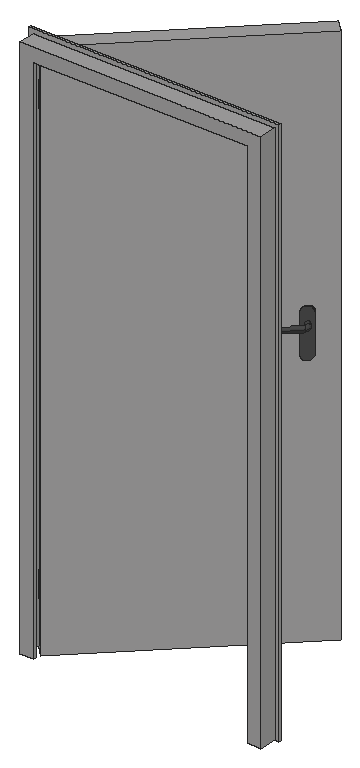
Revit family "Delta 1 hoja EI₂60", category Puertas, Revit 2016
Family settings
  Anfitrión = Muro
  Siempre vertical = Sí
  Corte con vacíos al cargar = No
  Compartido = No
  Punto de cálculo de habitación = No
Parameters (values of type "DE 900 x 2050")
  URL = "http://www.andreu.es/es/productos/puertas-cortafuegos/delta"
  Relleno de la hoja = "Las chapas están troqueladas y plegadas de forma que, tras su montaje, dejan en su interior una cámara interna donde se aloja una combinación de materiales aislantes ignífugos y térmicos, que confieren a la puerta aislamiento térmico y acústico. Los aislantes utilizados son, entre otros materiales, lana de roca y placas de cartón-yeso. Su grosor es de 62 mm, con un solape de 16 mm de ancho y 2 mm de espesor"  # constant formula
  Peso aprox = 36.50 kg/m²  # constant formula
  Normativa = "--"  # constant formula
  Modelo = "DE 900x2050"
  Memoria descriptiva = "http://www.andreu.es/es/documentos/memorias-descriptivas"
  Marco = "El marco utilizado para la puerta Corta-fuegos modelo Delta es el denominado modelo C-S5. Este modelo se caracteriza por su perfilado esquinero (según croquis). Puede configurarse con acero galvanizado +protección antifinger de 1.2 mm de espesor, o el mismo material que la hoja. EL marco ofrece garras de anclaje distribuidas uniformemente a lo largo de la altura de 2 mm de espesor que permiten anclar la puerta a tabiques de obra o atornillar sobre premarco o sobre muro de cartón yeso El marco está arriostrado en su parte inferior mediante una riostra que marca el nivel del suelo, la cual se retira al finalizar la instalación de la puerta al muro.La unión entre el marco y la hoja se hace mediante las palas atornilladas de las bisagras, sin necesidad de soldadura. Además, dispone de un alojamiento donde se puede colocar la junta intumescente y otro, donde se puede incorporar un burlete de goma para asegurar el cierre hermético de la puerta. Si el proyecto lo requiere, se dispone de un Marco Ancho, que consiste en un suplemento que abra el muro desde 80 hasta 300mm de espesor"  # constant formula
  Manija [instance] = yes
  MEDIDA TOTAL (ANCHO) = [MEDIDA NOMINAL (Ancho)] + 36 mm  # 936 mm
  MEDIDA NOMINAL (Ancho) = 900 mm
  MEDIDA DE MARCO (Ancho) = [MEDIDA NOMINAL (Ancho)] - 20 mm  # 880 mm
  MEDIDA DE LUZ (Ancho) = [MEDIDA NOMINAL (Ancho)] - 100 mm  # 800 mm
  MATERIAL DEL MARCO = Acero Galvanizado
  MATERIAL DE LA HOJA = Acero Galvanizado
  Instrucciones de montaje = "http://www.andreu.es/data/instrucc/itc-084-ed3.pdf"
  Hoja = "La puerta Corta-fuegos está construida con 2 planchas ensambladas entre sí, sin necesidad de soldaduras. La plancha utilizada es de acero galvanizado de 0.7 mm de espesor, con una imprimación antifinger (antihuellas). Esta imprimación, consiste en un revestimiento orgánico fino, que además de proporcionarle una mayor protección anticorrosivo le permite pintar directamente sin tratamientos previos. El acero galvanizado con imprimación antifinger es del tipo DX51D-Z100-MB que significa:  DX51D es el grado de acero, idóneo para plegado y perfilado que corresponde a una resistencia a la tracción máxima de 500 N/mm2 y a un alargamiento de rotura mínimo del 22%. Z100 es el grado de recubrimiento de aleación hierro-cinc, es decir, 100 gr/m2. El cinc garantiza una mayor perdurabilidad del material haciéndolo resistente a la corrosión. MB: estrella matada con acabado liso"  # constant formula
  HOJA (ANCHO) = [MEDIDA DE MARCO (Ancho)]  # 880 mm
  HOJA (ANCHO 2D) = [MEDIDA DE MARCO (Ancho)] + 10 mm  # 890 mm
  Función = Interior
  Fabricante = "Andreu Barberá, S.L."  # constant formula
  Ensayos de Durabilidad de Autocierre = "--"  # constant formula
  Descripción = "La puerta Corta-fuegos modelo DELTA es una puerta metálica, pivotante y abatible.La puerta Delta se presenta como una puerta segura, tecnológicamente muy avanzada y sencilla en su instalación y mantenimiento. La puerta Delta está conformada y ensamblada sin soldaduras y dispone de una clasificación RF60, tras haber superado con éxito el ensayo realizado en un laboratorio acreditado."  # constant formula
  Type Comments = ""
  Clasificación para incendios = "EI₂60"  # constant formula
  Clasificación = "C5"  # constant formula
  Ciclos de apertura = 0
  Cerradura = "La puerta incluye una cerradura con caja de acero, con cierre a un punto. Esta cerradura dispone marcado CE de acuerdo a la norma UNE 12209:2007. Se completa el conjunto con el cilindro de latón de 35 x 35, con sus correspondientes llaves. En la gama estándar, está compuesto por dos manivelas de un material altamente resistente. Los soportes de los escudos son metálicos y presentan embellecedores del mismo material que las manivelas con bocallave a ambos lados."  # constant formula
  Catálogo Técnico = "http://www.andreu.es/lang/es/doc/delta-ctes.pdf"
  Bisagras en hojas = "Las hojas llevan como mínimo 2 bisagras de acero galvanizado de 3 mm de espesor, de diseño y fabricación propia, con sistema de cierre automático y con posibilidad de regulación en altura. Las bisagras van unidas mediante tornillos a la hoja. Incorpora en la parte central un bulón antipalanca de acero, para proporcionar mayor seguridad a la puerta."  # constant formula
  Bisagras [instance] = yes
  Acabados = "9010 BLANCO, 7035 GRIS, Antifinger, Roble, Roble Viejo, RAL A ELEGIR"  # constant formula
  APERTURA 3D (Grados) [instance] = 45.00°
  ALTURA TOTAL = 2068 mm
Types (5, lengths in mm): name | Modelo | MEDIDA TOTAL (ANCHO) | MEDIDA NOMINAL (Ancho) | MEDIDA DE MARCO (Ancho) | MEDIDA DE LUZ (Ancho) | HOJA (ANCHO) | HOJA (ANCHO 2D) | APERTURA 3D (Grados)
  DE 800 x 2050 | "DE 800x2050" | 836 | 800 | 780 | 700 | 780 | 790 | 45.00°
  DE 900 x 2050 | "DE 900x2050" | 936 | 900 | 880 | 800 | 880 | 890 | 45.00°
  DE 1000 x 2050 | "DE 1000x2050" | 1036 | 1000 | 980 | 900 | 980 | 990 | 0.00°
  DE 1100 x 2050 | "DE 1100x2050" | 1136 | 1100 | 1080 | 1000 | 1080 | 1090 | 45.00°
  DE 1200 x 2050 | "DE 1200x2050" | 1236 | 1200 | 1180 | 1100 | 1180 | 1190 | 45.00°
Reference planes
  plane 1 "Muro": y = 0
  plane 2 "Centro (Izquierda/Derecha)": x = 125
  plane 3 "Posterior": y = 100
  plane 4: x = -325
  plane 5: x = 575
  plane 6: z = 2068
  plane 7: x = -315
  plane 8: x = 565
  plane 9: x = -275
  plane 10: x = 525
  plane 11: x = -343
  plane 12: x = 593
  plane 13: y = 110
  plane 14: y = 47
  plane 15: y = 37
  plane 16: x = 570
  plane 17: y = 107
  plane 18: x = -320
  plane 19: y = 1300
  plane 20: y = 990
  plane 21 "M": z = 1047.976
  plane 22: x = 465
Forms (mm)
  Sweep 1, solid, material "Acero Galvanizado" <- "MATERIAL DEL MARCO", detail levels medium+fine
    path origin (0, 100, 0) x (1, 0, 0) y (0, 0, 1)
      loop
        line (575, 0) -> (575, 2050) -> (-325, 2050) -> (-325, 0)
    profile origin (575, 100, 1025) x (-1, 0, 0) y (0, -1, 0)
      loop
        line (-18, 0) -> (-18, -10) -> (10, -10) -> (10, 53) -> (50, 53) -> (50, 63) -> (0, 63) -> (0, 0) -> (-18, 0)
  Extrusion 2, solid, material "Acero Galvanizado" <- "MATERIAL DE LA HOJA"
    sketch origin (-315, 110, 0) x (0.707107, 0.707107, 0) y (0, 0, 1)
      loop
        line (0, 0) -> (880, 0) -> (880, 2040) -> (0, 2040) -> (0, 0)
    from 0 to 63
  Extrusion 3, solid, material "Acero Galvanizado" <- "MATERIAL DEL MARCO", visible <- "Bisagras"
    sketch origin (70.706, 28.204, 158) x (1, 0, 0) y (0, 1, 0)
      loop
        line (-399.598, 81.796) -> (-385.706, 81.796) -> (-385.706, 86.796) -> (-392.181, 86.796)
        arc (-392.181, 86.796) -> (-404.07, 96.429) -> (-399.598, 81.796) r 8
    from 0 to 100
  Extrusion 4, solid, material "Acero Galvanizado" <- "MATERIAL DEL MARCO", visible <- "Bisagras"
    sketch origin (70.706, 28.204, 1802) x (0, -1, 0) y (1, 0, 0)
      loop
        line (-81.796, -399.598) -> (-81.796, -385.706) -> (-86.796, -385.706) -> (-86.796, -392.181)
        arc (-86.796, -392.181) -> (-96.429, -404.07) -> (-81.796, -399.598) r 8
    from 0 to 100
Lines and regions (mm)
  Opening 1
    outline origin (-5000, -100, 0) x (1, 0, 0) y (0, 0, 1)
      loop
        line (5575, 2050) -> (4675, 2050) -> (4675, 0) -> (5575, 0) -> (5575, 2050)
  model lines
    curve 1: line (575, 100, 0) -> (575, 100, 2068)
    curve 2: line (575, 100, 2068) -> (-325, 100, 2068)
    curve 3: line (-325, 100, 2068) -> (-325, 100, 0)
  reference lines
    curve 4: line (-315, 110, 0) -> (13.805, 438.805, 0)
  symbolic lines, detail levels coarse
    curve 5: line (-325, 100, 0) -> (-325, 1000, 0)
    curve 6: line (-325, 1000, 0) -> (575, 100, 0)
  symbolic lines, detail levels medium+fine
    curve 7: line (-315, 110, 0) -> (-252, 110, 0)
    curve 8: line (-315, 990, 0) -> (-315, 110, 0)
    curve 9: line (-252, 990, 0) -> (-315, 990, 0)
    curve 10: line (-252, 110, 0) -> (-252, 990, 0)
  symbolic lines
    curve 11: arc (565, 110, 1047.976) -> (307.254, 732.254, 1047.976) -> (-315, 990, 1047.976) r 880
Text (mm)
  text "Cara de colocación" at (-1848.837, 1116.779, 0), in view "Nivel de referencia"
  text "Cara de colocación" at (0, 1409.804, 2854.306), in view "Izquierda"
  text "Cara de colocación" at (0, 499.811, 2980.732), in view "Derecha"
Dimensions and locks
  plane 3 "Posterior" to host wall = 0 mm
  equal spacing: plane 4, plane 2 "Centro (Izquierda/Derecha)", plane 5
  "MEDIDA NOMINAL (Ancho)": plane 4 to plane 5
  "ALTURA TOTAL": level to plane 6
  equal spacing: plane 7, plane 2 "Centro (Izquierda/Derecha)", plane 8
  "MEDIDA DE MARCO (Ancho)": plane 7 to plane 8
  equal spacing: plane 9, plane 2 "Centro (Izquierda/Derecha)", plane 10
  "MEDIDA DE LUZ (Ancho)": plane 9 to plane 10
  equal spacing: plane 11, plane 2 "Centro (Izquierda/Derecha)", plane 12
  "MEDIDA TOTAL (ANCHO)": plane 11 to plane 12
  locked: plane 3 "Posterior" to plane 13 at 10
  locked: plane 13 to plane 14 at 63
  locked: plane 14 to plane 15 at 10
  "HOJA (ANCHO)": Extrusion 2 sketch curve to Extrusion 2 sketch curve
  equal spacing: plane 18, plane 2 "Centro (Izquierda/Derecha)", plane 16
  "HOJA (ANCHO 2D)": plane 18 to plane 16
  "MEDIDA NOMINAL (Ancho)": curve 5 to curve 5
  "MEDIDA DE MARCO (Ancho)": plane 20 to plane 13
  locked: plane 22 to plane 10 at 60
  locked: Extrusion 2 to nested 2 at 95
  locked: Extrusion 2 to nested 1 at 95
  "APERTURA 3D (Grados)": angle plane 13 to curve 4
  aligned and locked: plane 1 "Muro" to host wall
  aligned and locked: plane 3 "Posterior" to host wall
  aligned and locked: plane 15 to Sweep 1 sketch curve
  aligned and locked: plane 7 to curve 4
  aligned and locked: plane 13 to curve 4
  aligned and locked: Extrusion 2 sketch curve to Sweep 1
  aligned and locked: Sweep 1 sketch curve to plane 14
  aligned and locked: plane 8 to Sweep 1 sketch curve
  aligned and locked: plane 10 to Sweep 1 sketch curve
  aligned and locked: plane 12 to Sweep 1
  aligned and locked: Sweep 1 to plane 10
  aligned and locked: Sweep 1 to plane 15
  aligned and locked: plane 13 to Sweep 1
  aligned and locked: plane 3 "Posterior" to Sweep 1
  aligned and locked: curve 9 to plane 20
  aligned and locked: Extrusion 3 sketch curve to Sweep 1
  aligned and locked: plane 7 to Extrusion 3 sketch curve
Automatic sketch dimensions
  Opening 1 sketch curve to plane 4 = 0 mm
  Opening 1 sketch curve to level = 0 mm
  Opening 1 sketch curve to plane 5 = 0 mm
  Opening 1 sketch curve to plane 6 = 18 mm
  curve 3 to plane 4 = 0 mm
  curve 2 to plane 5 = 0 mm
  curve 3 to level = 0 mm
  curve 1 to level = 0 mm
  curve 2 to plane 6 = 0 mm
  Sweep 1 sketch curve to plane 4 = 0 mm
  Sweep 1 sketch curve to plane 5 = 0 mm
  Sweep 1 sketch curve to level = 0 mm  (x2)
  Sweep 1 sketch curve to plane 6 = 18 mm
  plane 3 "Posterior" to Sweep 1 sketch curve = 0 mm
  Sweep 1 sketch curve to profile plane = 0 mm
  profile plane to Sweep 1 sketch curve = 18 mm
  Sweep 1 sketch curve to plane 3 "Posterior" = 10 mm
  curve 11 to plane 7 = 0 mm
  plane 20 to curve 11 = 0 mm
  curve 11 to plane 8 = 0 mm
  Extrusion 3 sketch curve to plane 18 = 1.475 mm
  Extrusion 3 sketch curve to plane 4 = 3.891 mm
  plane 13 to Extrusion 3 sketch curve = 5 mm
  Extrusion 4 sketch curve to plane 7 = 0 mm
  Extrusion 4 sketch curve to plane 13 = 0 mm
  Extrusion 4 sketch curve to plane 18 = 1.475 mm
  plane 13 to Extrusion 4 sketch curve = 5 mm
  Extrusion 4 sketch curve to plane 4 = 3.891 mm
  curve 5 to plane 4 = 0 mm
  curve 9 to plane 7 = 0 mm
  curve 10 to plane 13 = 0 mm
  curve 6 to host wall = 0 mm
  curve 6 to plane 5 = 0 mm
  curve 5 to host wall = 0 mm
  plane 9 to curve 9 = 23 mm
  Extrusion 2 sketch curve to curve 4 = 0 mm
  curve 4 to Extrusion 2 sketch curve = 0 mm
Nested families
  nested 1: "MANIJA" at (266.949, 602.853, 947.976) x (0.7071, 0.7071, 0) z (0.7071, -0.7071, 0), visible <- "Manija", type "MANIJA"
  nested 2: "MANIJA" at (222.401, 647.401, 947.976) x (0.7071, 0.7071, 0) z (-0.7071, 0.7071, 0), visible <- "Manija", type "MANIJA"
Definition of nested family "MANIJA"
  Parameters (values of type "MANIJA")
    Default Elevation = 1219.2 mm
  Reference planes
    plane 1 "Centro (Frontal/Posterior)": y = 0
    plane 2: z = 0
    plane 3 "Centro (Izquierda/Derecha)": x = 0
  Forms (mm)
    Extrusion 1, solid
      sketch origin (0, 0, 0) x (1, 0, 0) y (0, 1, 0)
        loop
          line (-1219.2, 1219.2) -> (-1219.2, -1219.2) -> (1219.2, -1219.2) -> (1219.2, 1219.2) -> (-1219.2, 1219.2)
      from 0 to -304.8
    Extrusion 2, solid
      sketch origin (-50, -60, 0) x (1, 0, 0) y (0, 1, 0)
        loop
          line (70, 60) -> (75, 60)
          arc (75, 60) -> (89.142, 65.858) -> (95, 80) r 20
          line (95, 80) -> (95, 220)
          arc (95, 220) -> (89.142, 234.142) -> (75, 240) r 20
          line (75, 240) -> (70, 240)
          arc (70, 240) -> (55.858, 234.142) -> (50, 220) r 20
          line (50, 220) -> (50, 80)
          arc (50, 80) -> (55.858, 65.858) -> (70, 60) r 20
      from 0 to 10
    Sweep 3, solid
      path origin (-2.5, 0, 0) x (1, 0, 0) y (0, 0, 1)
        loop
          line (25, 10) -> (25, 33)
          arc (25, 33) -> (21.485, 41.485) -> (13, 45) r 12
          line (13, 45) -> (-72.5, 45)
          arc (-72.5, 45) -> (-79.571, 42.071) -> (-82.5, 35) r 10
          line (-82.5, 35) -> (-82.5, 25)
      profile origin (22.5, 0, 21.5) x (-1, 0, 0) y (0, -1, 0)
        loop
          circle (0, -125.561) r 8
  Dimensions and locks
    aligned and locked: plane 2 to Extrusion 1
    aligned and locked: level to Extrusion 1
